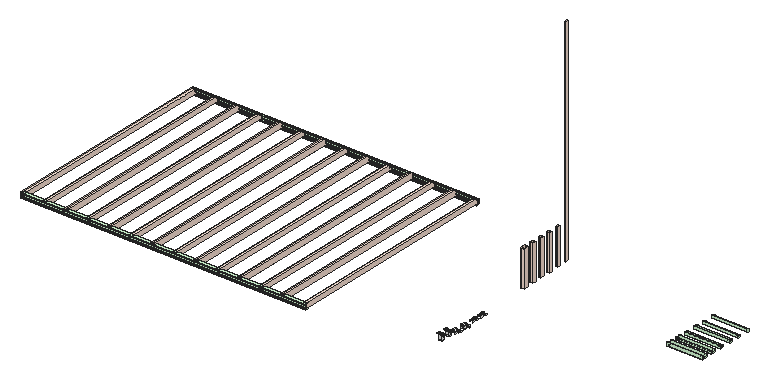
Revit family "SQ天井.", category 一般モデル, Revit 2020
Family settings
  鉄筋をホスト可能 = いいえ
  丸型コネクタ寸法 = 直径を使用
  パーツ タイプ = 標準
  作業面ベース = いいえ
  常に垂直 = はい
  ロード時にボイドで切り取り = いいえ
  共有 = いいえ
  部屋計算ポイント = いいえ
Parameters
  製造元 = "株式会社桐井製作所"
  既定の高さ = 0 mm
  URL = "https://www.kirii.co.jp/"
  K_名称 = "SQ天井工法"
  K_バージョン情報 = "20250901"
Reference planes
  plane 1 "中心(正面/背面)": y = 0
  plane 2: z = 0
  plane 3 "中心(左/右)": x = 0
Lines and regions (mm)
  model lines
    curve 1: line (2053.885, 1646.972, 3.706) -> (3803.885, 1646.972, 3.706)
    curve 2: line (2053.885, 1646.972, 0) -> (2053.885, 342.323, 0)
    curve 3: line (3803.885, 1646.972, 0) -> (3803.885, 342.323, 0)
    curve 4: line (4103.885, 1646.972, 0) -> (4103.885, 342.323, 0)
    curve 5: line (4103.885, 342.323, 3.706) -> (5853.885, 342.323, 3.706)
    curve 6: line (5853.885, 1646.972, 0) -> (5853.885, 342.323, 0)
    curve 7: line (4103.885, 1646.972, 3.706) -> (5853.885, 1646.972, 3.706)
    curve 8: line (2053.885, 142.323, 3.706) -> (3803.885, 142.323, 3.706)
    curve 9: line (2053.885, 142.323, 0) -> (2053.885, -1137.677, 0)
    curve 10: line (2053.885, -1137.677, 3.706) -> (3803.885, -1137.677, 3.706)
    curve 11: line (3803.885, 142.323, 0) -> (3803.885, -1137.677, 0)
    curve 12: line (2053.885, 342.323, 3.706) -> (3803.885, 342.323, 3.706)
Text (mm)
  text "JIS19型" at (-1841.604, 2062.91, 5447.439), in view "ビュー 1"
  text "スタッド" at (2194.065, 1518.272, -53.41), in view "{3D}"
  text "・SQ-BAR4020" at (2294.392, 1305.581, -53.41), in view "{3D}"
  text "・SQ-BAR4025" at (2294.392, 1153.599, -53.41), in view "{3D}"
  text "・SQ-BAR4040" at (2294.392, 1003.599, -53.41), in view "{3D}"
  text "・SQ-BAR4045" at (2294.392, 855.581, -53.41), in view "{3D}"
  text "・SQ-BAR4050" at (2294.392, 703.599, -53.41), in view "{3D}"
  text "ランナー" at (4244.065, 1518.272, -53.41), in view "{3D}"
  text "・SQ-ランナー20" at (4344.392, 1305.581, -53.41), in view "{3D}"
  text "・SQ-ランナー25" at (4344.392, 1153.599, -53.41), in view "{3D}"
  text "・SQ-ランナー40" at (4344.392, 1003.599, -53.41), in view "{3D}"
  text "・SQ-ランナー45" at (4344.392, 855.581, -53.41), in view "{3D}"
  text "・SQ-ランナー50" at (4344.392, 703.599, -53.41), in view "{3D}"
  text "SQ天井工法" at (-2610.049, 1856.504, -53.41), in view "{3D}"
  text "・SQ-ランナー65" at (4344.392, 553.599, -53.41), in view "{3D}"
  text "SQ関連部材" at (2194.065, 13.623, -53.41), in view "{3D}"
  text "・新SQハンガー" at (2294.392, -199.068, -53.41), in view "{3D}"
  text "・新SQハンガー4020" at (2294.392, -351.05, -53.41), in view "{3D}"
  text "・新SQ-Tクリップ" at (2294.392, -501.05, -53.41), in view "{3D}"
  text "・SQ-Tクリップ(4020用)" at (2294.392, -649.068, -53.41), in view "{3D}"
  text "・SQクリップ4040" at (2294.392, -801.05, -53.41), in view "{3D}"
  text "・SQ-BAR4565" at (2294.392, 553.599, -53.41), in view "{3D}"
  text "・SQクリップ4045" at (2294.392, -941.05, -53.41), in view "{3D}"
  text "※適用スパンを超える場合および、開口部に使用" at (2846.994, -1040.688, -53.41), in view "{3D}"
Dimensions and locks
  aligned and locked: level to plane 2
Nested families
  nested 1: "runner_wr50" at (5032.945, 662.338, 0), type "runner_wr50"
    with K_長さ(mm) 500 mm, K_JIS外 no, K_JIS yes
  nested 2: "runner_wr65" at (5032.945, 512.338, 0), type "runner_wr65"
    with K_長さ(mm) 500 mm, K_JIS外 no, K_JIS yes
  nested 3: "sqrunner_20" at (5032.945, 1266.972, 0), type "sqrunner_20"
    with K_長さ(mm) 500 mm
  nested 4: "sqrunner_25" at (5032.945, 1111.972, 0), type "sqrunner_25"
    with K_長さ(mm) 500 mm
  nested 5: "sq4025" at (2991.541, 1116.902, 0), type "sq4025"
    with K_長さ(mm) 500 mm
  nested 6: "sqrunner_40" at (5032.945, 966.972, 0), type "sqrunner_40"
    with K_長さ(mm) 500 mm
  nested 7: "sq4040" at (2999.01, 963.691, 0), type "sq4040"
    with K_長さ(mm) 500 mm
  nested 8: "sqrunner_45" at (5032.945, 811.972, 0), type "sqrunner_45"
    with K_長さ(mm) 500 mm
  nested 9: "sq4045" at (2999.01, 819.472, 0), type "sq4045"
    with K_長さ(mm) 500 mm
  nested 10: "sq4050" at (2999.01, 672.219, 0), type "sq4050"
    with K_長さ(mm) 500 mm
  nested 11: "sq4565" at (3001.51, 527.323, 0), type "sq4565"
    with K_長さ(mm) 500 mm
  nested 12: "newsqhanger_4020" at (3023.885, -397.677, 0), type "newsqhanger_4020"
  nested 13: "newsqhanger" at (3023.885, -257.677, 0), type "newsqhanger"
  nested 14: "newsq-tclip_4020" at (3023.885, -707.677, 0), type "newsq-tclip_4020"
  nested 15: "newsq-tclip" at (3023.885, -552.677, 0), type "newsq-tclip"
  nested 16: "sqclip_4045" at (3023.885, -957.677, 0), type "sqclip_4045"
  nested 17: "sqclip_4040" at (3023.885, -837.677, 0), type "sqclip_4040"
  nested 18: "runner_wr65" at (-2546.115, 1656.972, 33.5) x (1, 0, 0) z (0, -1, 0), type "runner_wr65"
    with K_長さ(mm) 4000 mm, K_JIS外 no, K_JIS yes
  nested 19: "runner_wr65" at (-2546.115, -1365.447, 33.5) x (1, 0, 0) z (0, 1, 0), type "runner_wr65"
    with K_長さ(mm) 4000 mm, K_JIS外 no, K_JIS yes
  nested 20: "sq4565" at (-2523.615, -1353.828, 33.49) x (1, 0, 0) z (0, 1, 0), type "sq4565"
    with K_長さ(mm) 3000 mm
  nested 21: "sq4565" at (-2220.615, -1353.828, 33.49) x (1, 0, 0) z (0, 1, 0), type "sq4565"
    with K_長さ(mm) 3000 mm
  nested 22: "sq4565" at (-1917.615, -1353.828, 33.49) x (1, 0, 0) z (0, 1, 0), type "sq4565"
    with K_長さ(mm) 3000 mm
  nested 23: "sq4565" at (-1614.615, -1353.828, 33.49) x (1, 0, 0) z (0, 1, 0), type "sq4565"
    with K_長さ(mm) 3000 mm
  nested 24: "sq4565" at (-1311.615, -1353.828, 33.49) x (1, 0, 0) z (0, 1, 0), type "sq4565"
    with K_長さ(mm) 3000 mm
  nested 25: "sq4565" at (-1008.115, -1353.828, 33.49) x (1, 0, 0) z (0, 1, 0), type "sq4565"
    with K_長さ(mm) 3000 mm
  nested 26: "sq4565" at (-705.115, -1353.828, 33.49) x (1, 0, 0) z (0, 1, 0), type "sq4565"
    with K_長さ(mm) 3000 mm
  nested 27: "sq4565" at (-402.115, -1353.828, 33.49) x (1, 0, 0) z (0, 1, 0), type "sq4565"
    with K_長さ(mm) 3000 mm
  nested 28: "sq4565" at (-99.115, -1353.828, 33.49) x (1, 0, 0) z (0, 1, 0), type "sq4565"
    with K_長さ(mm) 3000 mm
  nested 29: "sq4565" at (203.885, -1353.828, 33.49) x (1, 0, 0) z (0, 1, 0), type "sq4565"
    with K_長さ(mm) 3000 mm
  nested 30: "sq4565" at (506.885, -1353.828, 33.49) x (1, 0, 0) z (0, 1, 0), type "sq4565"
    with K_長さ(mm) 3000 mm
  nested 31: "sq4565" at (810.385, -1353.828, 33.49) x (1, 0, 0) z (0, 1, 0), type "sq4565"
    with K_長さ(mm) 3000 mm
  nested 32: "sq4565" at (1113.385, -1353.828, 33.49) x (1, 0, 0) z (0, 1, 0), type "sq4565"
    with K_長さ(mm) 3000 mm
  nested 33: "sq4565" at (1416.885, -1353.828, 33.49) x (1, 0, 0) z (0, 1, 0), type "sq4565"
    with K_長さ(mm) 3000 mm
  nested 34: "sq4020." at (2989.01, 1273.456, 0), type "sq4020."
    with K_長さ(mm) 3000 mm
Definition of nested family "runner_wr50"
  Parameters (values of type "runner_wr50")
    Manufacturer = "株式会社桐井製作所"
    Default Elevation = 0 mm
    URL = "https://www.kirii.co.jp/"
    K_長さ(mm) [instance] = 4000 mm
    K_材質 = "SGCCまたはSGHC　一般用"
    K_断面積A(mm2) = 103.5
    K_断面係数Zy(mm3) = 1921
    K_断面係数Zx(mm3) = 651.9
    K_断面2次半径iy(mm) = 22
    K_断面2次半径ix(mm) = 13.2
    K_断面2次モーメントIy(mm4) = 49970
    K_断面2次モーメントIx(mm4) = 17920
    K_外形寸法(mm) = "52×40×0.8"
    K_品名 = "WR-50"
    K_名称 = "ランナー"
    K_単位質量(kg/m) = 0.836
    K_ヤング係数E(N/mm2) = 205000
    K_バージョン情報 = "20210524"
    K_めっき付着量 = "Z12"
    K_JIS規格 = "JIS G 3302"
    K_JIS外 [instance] = not(K_JIS)  # no
    K_JIS [instance] = yes
  Reference planes
    plane 1 "中心(正面/背面)": y = 0
    plane 2: z = 0
    plane 3 "中心(左/右)": x = 0
    plane 4: x = 4000
    plane 5: y = -26
    plane 6: y = 26
    plane 7: z = 40
    plane 8: y = 26
    plane 9: y = -26
  Forms (mm)
    Extrusion 1, solid
      sketch origin (0, 0, 0) x (0, 1, 0) y (0, 0, 1)
        loop
          line (-26, 0) -> (-16.01, 0) -> (-15.21, 0.8) -> (-6.81, 0.8) -> (-6.01, 0) -> (5.962, 0) -> (6.781, 0.819) -> (15.181, 0.819) -> (16, 0) -> (26, 0) -> (26, 40) -> (25.2, 40) -> (25.2, 0.8) -> (16.331, 0.8) -> (15.512, 1.619) -> (6.449, 1.619) -> (5.63, 0.8) -> (-5.679, 0.8) -> (-6.479, 1.6) -> (-15.541, 1.6) -> (-16.341, 0.8) -> (-25.2, 0.8) -> (-25.2, 40) -> (-26, 40) -> (-26, 0)
      from 0 to 4000
  Dimensions and locks
    "K_長さ(mm)": plane 3 "中心(左/右)" to plane 4
    aligned and locked: level to plane 2
    aligned and locked: plane 4 to Extrusion 1
    aligned and locked: Extrusion 1 sketch curve to plane 6
    aligned and locked: plane 5 to Extrusion 1 sketch curve
    aligned and locked: Extrusion 1 to plane 4
  Automatic sketch dimensions
    Extrusion 1 sketch curve to plane 7 = 0 mm  (x2)
    Extrusion 1 sketch curve to level = 0 mm  (x3)
    level to Extrusion 1 sketch curve = 0.8 mm  (x4)
    Extrusion 1 sketch curve to Extrusion 1 sketch curve = 0.331 mm  (x8)
    level to Extrusion 1 sketch curve = 1.6 mm
    Extrusion 1 sketch curve to Extrusion 1 sketch curve = 0.8 mm  (x2)
    plane 1 "中心(正面/背面)" to Extrusion 1 sketch curve = 6.81 mm
    Extrusion 1 sketch curve to plane 1 "中心(正面/背面)" = 5.63 mm
    Extrusion 1 sketch curve to Extrusion 1 sketch curve = 0.819 mm  (x2)
    level to Extrusion 1 sketch curve = 0.819 mm
    Extrusion 1 sketch curve to Extrusion 1 sketch curve = 8.4 mm
    level to Extrusion 1 sketch curve = 1.619 mm
    plane 6 to Extrusion 1 sketch curve = 0.8 mm
    Extrusion 1 sketch curve to plane 5 = 0.8 mm
    Extrusion 1 sketch curve to Extrusion 1 sketch curve = 8.859 mm
Definition of nested family "runner_wr65"
  Parameters (values of type "runner_wr65")
    Manufacturer = "株式会社桐井製作所"
    Default Elevation = 0 mm
    URL = "https://www.kirii.co.jp/"
    K_長さ(mm) [instance] = 4000 mm
    K_材質 = "SGCCまたはSGHC　一般用"
    K_断面積A(mm2) = 115.5
    K_断面係数Zy(mm3) = 2624
    K_断面係数Zx(mm3) = 678.4
    K_断面2次半径iy(mm) = 27.6
    K_断面2次半径ix(mm) = 13
    K_断面2次モーメントIy(mm4) = 87930
    K_断面2次モーメントIx(mm4) = 19500
    K_外形寸法(mm) = "67×40×0.8"
    K_品名 = "WR-65"
    K_名称 = "ランナー"
    K_単位質量(kg/m) = 0.933
    K_ヤング係数E(N/mm2) = 205000
    K_バージョン情報 = "20210524"
    K_めっき付着量 = "Z12"
    K_JIS規格 = "JIS G 3302"
    K_JIS外 [instance] = not(K_JIS)  # no
    K_JIS [instance] = yes
  Reference planes
    plane 1 "中心(正面/背面)": y = 0
    plane 2: z = 0
    plane 3 "中心(左/右)": x = 0
    plane 4: x = 4000
    plane 5: y = -33.5
    plane 6: y = 33.5
    plane 7: y = 33.5
    plane 8: y = -33.5
    plane 9: z = 40
  Forms (mm)
    Extrusion 1, solid
      sketch origin (0, 0, 0) x (0, 1, 0) y (0, 0, 1)
        loop
          line (13.491, 0) -> (14.31, 0.819) -> (22.71, 0.819) -> (23.529, 0) -> (33.5, 0) -> (33.5, 40) -> (32.7, 40) -> (32.7, 0.8) -> (23.86, 0.8) -> (23.041, 1.619) -> (13.979, 1.619) -> (13.159, 0.8) -> (-13.179, 0.8) -> (-13.979, 1.6) -> (-23.041, 1.6) -> (-23.841, 0.8) -> (-32.7, 0.8) -> (-32.7, 40) -> (-33.5, 40) -> (-33.5, 0) -> (-23.51, 0) -> (-22.71, 0.8) -> (-14.31, 0.8) -> (-13.51, 0) -> (13.491, 0)
      from 0 to 4000
  Dimensions and locks
    "K_長さ(mm)": plane 3 "中心(左/右)" to plane 4
    aligned and locked: level to plane 2
    aligned and locked: plane 4 to Extrusion 1
    aligned and locked: Extrusion 1 sketch curve to plane 6
    aligned and locked: plane 5 to Extrusion 1 sketch curve
    aligned and locked: Extrusion 1 to plane 4
  Automatic sketch dimensions
    Extrusion 1 sketch curve to level = 0 mm  (x3)
    Extrusion 1 sketch curve to Extrusion 1 sketch curve = 0.8 mm  (x5)
    level to Extrusion 1 sketch curve = 0.8 mm  (x4)
    Extrusion 1 sketch curve to Extrusion 1 sketch curve = 8.859 mm
    Extrusion 1 sketch curve to Extrusion 1 sketch curve = 0.331 mm  (x8)
    Extrusion 1 sketch curve to Extrusion 1 sketch curve = 8.4 mm  (x2)
    level to Extrusion 1 sketch curve = 1.6 mm
    Extrusion 1 sketch curve to plane 1 "中心(正面/背面)" = 13.159 mm
    Extrusion 1 sketch curve to Extrusion 1 sketch curve = 0.819 mm  (x2)
    level to Extrusion 1 sketch curve = 0.819 mm
    Extrusion 1 sketch curve to Extrusion 1 sketch curve = 39.2 mm  (x2)
Definition of nested family "sqrunner_20"
  Parameters (values of type "sqrunner_20")
    Manufacturer = "株式会社桐井製作所"
    Default Elevation = 0 mm
    URL = "https://www.kirii.co.jp/"
    K_長さ(mm) [instance] = 4000 mm
    K_材質 = "SGCC　一般用"
    K_外形寸法(mm) = "22×40×30"
    K_品名 = "SQ-ランナー20"
    K_名称 = "角型スタッド用ランナー"
    K_バージョン情報 = "20210524"
    K_めっき付着量 = "Z08"
    K_JIS規格 = "JIS G 3302"
  Reference planes
    plane 1 "中心(正面/背面)": y = 0
    plane 2: z = 0
    plane 3 "中心(左/右)": x = 0
    plane 4: x = 4000
    plane 5: y = 11
    plane 6: y = -11
  Forms (mm)
    Extrusion 1, solid
      sketch origin (0, 0, 0) x (0, 1, 0) y (0, 0, 1)
        loop
          line (-11, 0) -> (11, 0) -> (11, 30) -> (10.2, 30) -> (10.2, 0.8) -> (-10.2, 0.8) -> (-10.2, 40) -> (-11, 40) -> (-11, 0)
      from 0 to 4000
  Dimensions and locks
    "K_長さ(mm)": plane 3 "中心(左/右)" to plane 4
    aligned and locked: level to plane 2
    aligned and locked: plane 4 to Extrusion 1
    aligned and locked: Extrusion 1 to plane 4
  Automatic sketch dimensions
    Extrusion 1 sketch curve to level = 0 mm
    Extrusion 1 sketch curve to plane 6 = 0 mm
    Extrusion 1 sketch curve to Extrusion 1 sketch curve = 0.8 mm  (x2)
    level to Extrusion 1 sketch curve = 0.8 mm
    Extrusion 1 sketch curve to Extrusion 1 sketch curve = 39.2 mm
    Extrusion 1 sketch curve to Extrusion 1 sketch curve = 29.2 mm
    Extrusion 1 sketch curve to plane 5 = 0 mm
Definition of nested family "sqrunner_25"
  Parameters (values of type "sqrunner_25")
    Manufacturer = "株式会社桐井製作所"
    Default Elevation = 0 mm
    URL = "https://www.kirii.co.jp/"
    K_長さ(mm) [instance] = 4000 mm
    K_材質 = "SGCC　一般用"
    K_外形寸法(mm) = "27×40×30"
    K_品名 = "SQ-ランナー25"
    K_名称 = "角型スタッド用ランナー"
    K_バージョン情報 = "20210524"
    K_めっき付着量 = "Z08"
    K_JIS規格 = "JIS G 3302"
  Reference planes
    plane 1 "中心(正面/背面)": y = 0
    plane 2: z = 0
    plane 3 "中心(左/右)": x = 0
    plane 4: x = 4000
    plane 5: y = 13.5
    plane 6: y = -13.5
  Forms (mm)
    Extrusion 1, solid
      sketch origin (0, 0, 0) x (0, 1, 0) y (0, 0, 1)
        loop
          line (-13.5, 0) -> (13.5, 0) -> (13.5, 30) -> (12.7, 30) -> (12.7, 0.8) -> (-12.7, 0.8) -> (-12.7, 40) -> (-13.5, 40) -> (-13.5, 0)
      from 0 to 4000
  Dimensions and locks
    "K_長さ(mm)": plane 3 "中心(左/右)" to plane 4
    aligned and locked: level to plane 2
    aligned and locked: plane 4 to Extrusion 1
    aligned and locked: Extrusion 1 to plane 4
  Automatic sketch dimensions
    Extrusion 1 sketch curve to level = 0 mm
    Extrusion 1 sketch curve to plane 6 = 0 mm
    Extrusion 1 sketch curve to Extrusion 1 sketch curve = 0.8 mm  (x2)
    level to Extrusion 1 sketch curve = 0.8 mm
    Extrusion 1 sketch curve to Extrusion 1 sketch curve = 39.2 mm
    Extrusion 1 sketch curve to Extrusion 1 sketch curve = 29.2 mm
    Extrusion 1 sketch curve to plane 5 = 0 mm
Definition of nested family "sq4025"
  Parameters (values of type "sq4025")
    Manufacturer = "株式会社桐井製作所"
    Default Elevation = 0 mm
    URL = "https://www.kirii.co.jp/"
    K_長さ(mm) [instance] = 3000 mm
    K_材質 = "SGCC　一般用"
    K_断面積A(mm2) = 61.3
    K_断面係数Zy(mm3) = 657.2
    K_断面係数Zx(mm3) = 488.3
    K_断面2次半径iy(mm) = 15.3
    K_断面2次半径ix(mm) = 10
    K_断面2次モーメントIy(mm4) = 14330
    K_断面2次モーメントIx(mm4) = 6104
    K_外形寸法(mm) = "□40×25"
    K_品名 = "SQ-BAR4025"
    K_名称 = "角型スタッド"
    K_単位質量(kg/m) = 0.498
    K_ヤング係数E(N/mm2) = 205000
    K_バージョン情報 = "20210524"
    K_めっき付着量 = "Z08"
    K_JIS規格 = "JIS G 3302"
  Reference planes
    plane 1 "中心(正面/背面)": y = 0
    plane 2: z = 0
    plane 3 "中心(左/右)": x = 0
    plane 4: x = 12.5
    plane 5: x = -12.5
    plane 6: y = 20
    plane 7: z = 3000
    plane 8: y = -20
  Forms (mm)
    Extrusion 1, solid
      sketch origin (0.5, -20, 0) x (1, 0, 0) y (0, 1, 0)
        loop
          line (-13, 40) -> (-13, 0) -> (12, 0) -> (12, 40) -> (-13, 40)
        loop
          line (-12.5, 39.5) -> (-12.5, 0.5) -> (11.5, 0.5) -> (11.5, 39.5) -> (-12.5, 39.5)
      from 0 to 3000
  Dimensions and locks
    locked: Extrusion 1 sketch curve to Extrusion 1 sketch curve at 0.5  (x4)
    "K_長さ(mm)": plane 7 to level
    aligned and locked: level to plane 2
    aligned and locked: Extrusion 1 sketch curve to plane 6
    aligned and locked: plane 7 to Extrusion 1
    aligned and locked: plane 6 to Extrusion 1
    aligned and locked: Extrusion 1 to plane 8
    aligned and locked: Extrusion 1 to plane 5
    aligned and locked: plane 4 to Extrusion 1
  Automatic sketch dimensions
    Extrusion 1 sketch curve to plane 4 = 0.5 mm
    plane 5 to Extrusion 1 sketch curve = 0.5 mm
    plane 1 "中心(正面/背面)" to Extrusion 1 sketch curve = 19.5 mm
Definition of nested family "sqrunner_40"
  Parameters (values of type "sqrunner_40")
    Manufacturer = "株式会社桐井製作所"
    Default Elevation = 0 mm
    URL = "https://www.kirii.co.jp/"
    K_長さ(mm) [instance] = 4000 mm
    K_材質 = "SGCC　一般用"
    K_外形寸法(mm) = "42×40×30"
    K_品名 = "SQ-ランナー40"
    K_名称 = "角型スタッド用ランナー"
    K_バージョン情報 = "20210524"
    K_めっき付着量 = "Z08"
    K_JIS規格 = "JIS G 3302"
  Reference planes
    plane 1 "中心(正面/背面)": y = 0
    plane 2: z = 0
    plane 3 "中心(左/右)": x = 0
    plane 4: x = 4000
    plane 5: y = 21
    plane 6: y = -21
  Forms (mm)
    Extrusion 1, solid
      sketch origin (0, 0, 0) x (0, 1, 0) y (0, 0, 1)
        loop
          line (-21, 0) -> (21, 0) -> (21, 30) -> (20.2, 30) -> (20.2, 0.8) -> (-20.2, 0.8) -> (-20.2, 40) -> (-21, 40) -> (-21, 0)
      from 0 to 4000
  Dimensions and locks
    "K_長さ(mm)": plane 3 "中心(左/右)" to plane 4
    aligned and locked: level to plane 2
    aligned and locked: plane 4 to Extrusion 1
    aligned and locked: Extrusion 1 to plane 4
  Automatic sketch dimensions
    Extrusion 1 sketch curve to level = 0 mm
    Extrusion 1 sketch curve to plane 6 = 0 mm
    Extrusion 1 sketch curve to Extrusion 1 sketch curve = 0.8 mm  (x2)
    level to Extrusion 1 sketch curve = 0.8 mm
    Extrusion 1 sketch curve to Extrusion 1 sketch curve = 39.2 mm
    Extrusion 1 sketch curve to Extrusion 1 sketch curve = 29.2 mm
    Extrusion 1 sketch curve to plane 5 = 0 mm
Definition of nested family "sq4040"
  Parameters (values of type "sq4040")
    Manufacturer = "株式会社桐井製作所"
    Default Elevation = 0 mm
    URL = "https://www.kirii.co.jp/"
    K_長さ(mm) [instance] = 3000 mm
    K_材質 = "SGCC　一般用"
    K_断面積A(mm2) = 76.8
    K_断面係数Zy(mm3) = 944.7
    K_断面係数Zx(mm3) = 889
    K_断面2次半径iy(mm) = 16.3
    K_断面2次半径ix(mm) = 15.2
    K_断面2次モーメントIy(mm4) = 20440
    K_断面2次モーメントIx(mm4) = 17780
    K_外形寸法(mm) = "□40×40"
    K_品名 = "SQ-BAR4040"
    K_名称 = "角型スタッド"
    K_単位質量(kg/m) = 0.624
    K_ヤング係数E(N/mm2) = 205000
    K_バージョン情報 = "20210524"
    K_めっき付着量 = "Z08"
    K_JIS規格 = "JIS G 3302"
  Reference planes
    plane 1 "中心(正面/背面)": y = 0
    plane 2: z = 0
    plane 3 "中心(左/右)": x = 0
    plane 4: x = 20
    plane 5: x = -20
    plane 6: y = 20
    plane 7: z = 3000
    plane 8: y = -20
  Forms (mm)
    Extrusion 1, solid
      sketch origin (0.5, -20, 0) x (1, 0, 0) y (0, 1, 0)
        loop
          line (-20.5, 40) -> (-20.5, 0) -> (19.5, 0) -> (19.5, 40) -> (-20.5, 40)
        loop
          line (-20, 39.5) -> (-20, 0.5) -> (19, 0.5) -> (19, 39.5) -> (-20, 39.5)
      from 0 to 3000
  Dimensions and locks
    locked: Extrusion 1 sketch curve to Extrusion 1 sketch curve at 0.5  (x4)
    "K_長さ(mm)": plane 7 to level
    aligned and locked: level to plane 2
    aligned and locked: Extrusion 1 sketch curve to plane 6
    aligned and locked: plane 7 to Extrusion 1
    aligned and locked: plane 6 to Extrusion 1
    aligned and locked: Extrusion 1 to plane 8
    aligned and locked: Extrusion 1 to plane 5
    aligned and locked: plane 4 to Extrusion 1
  Automatic sketch dimensions
    Extrusion 1 sketch curve to plane 4 = 0.5 mm
    plane 5 to Extrusion 1 sketch curve = 0.5 mm
    plane 1 "中心(正面/背面)" to Extrusion 1 sketch curve = 19.5 mm
Definition of nested family "sqrunner_45"
  Parameters (values of type "sqrunner_45")
    Manufacturer = "株式会社桐井製作所"
    Default Elevation = 0 mm
    URL = "https://www.kirii.co.jp/"
    K_長さ(mm) [instance] = 4000 mm
    K_材質 = "SGCC　一般用"
    K_外形寸法(mm) = "47×40×30"
    K_品名 = "SQ-ランナー45"
    K_名称 = "角型スタッド用ランナー"
    K_バージョン情報 = "20210524"
    K_めっき付着量 = "Z08"
    K_JIS規格 = "JIS G 3302"
  Reference planes
    plane 1 "中心(正面/背面)": y = 0
    plane 2: z = 0
    plane 3 "中心(左/右)": x = 0
    plane 4: x = 4000
    plane 5: y = 23.5
    plane 6: y = -23.5
  Forms (mm)
    Extrusion 1, solid
      sketch origin (0, 0, 0) x (0, 1, 0) y (0, 0, 1)
        loop
          line (-23.5, 0) -> (23.5, 0) -> (23.5, 30) -> (22.7, 30) -> (22.7, 0.8) -> (-22.7, 0.8) -> (-22.7, 40) -> (-23.5, 40) -> (-23.5, 0)
      from 0 to 4000
  Dimensions and locks
    "K_長さ(mm)": plane 3 "中心(左/右)" to plane 4
    aligned and locked: level to plane 2
    aligned and locked: plane 4 to Extrusion 1
    aligned and locked: Extrusion 1 to plane 4
  Automatic sketch dimensions
    Extrusion 1 sketch curve to level = 0 mm
    Extrusion 1 sketch curve to plane 6 = 0 mm
    Extrusion 1 sketch curve to Extrusion 1 sketch curve = 0.8 mm  (x2)
    level to Extrusion 1 sketch curve = 0.8 mm
    Extrusion 1 sketch curve to Extrusion 1 sketch curve = 39.2 mm
    Extrusion 1 sketch curve to Extrusion 1 sketch curve = 29.2 mm
    Extrusion 1 sketch curve to plane 5 = 0 mm
Definition of nested family "sq4045"
  Parameters (values of type "sq4045")
    Manufacturer = "株式会社桐井製作所"
    Default Elevation = 0 mm
    URL = "https://www.kirii.co.jp/"
    K_長さ(mm) [instance] = 3000 mm
    K_材質 = "SGCC　一般用"
    K_断面積A(mm2) = 81.1
    K_断面係数Zy(mm3) = 1027
    K_断面係数Zx(mm3) = 1037
    K_断面2次半径iy(mm) = 16.5
    K_断面2次半径ix(mm) = 17
    K_断面2次モーメントIy(mm4) = 22130
    K_断面2次モーメントIx(mm4) = 23340
    K_外形寸法(mm) = "□40×45"
    K_品名 = "SQ-BAR4045"
    K_名称 = "角型スタッド"
    K_単位質量(kg/m) = 0.659
    K_ヤング係数E(N/mm2) = 205000
    K_バージョン情報 = "20210524"
    K_めっき付着量 = "Z08"
    K_JIS規格 = "JIS G 3302"
  Reference planes
    plane 1 "中心(正面/背面)": y = 0
    plane 2: z = 0
    plane 3 "中心(左/右)": x = 0
    plane 4: x = 20
    plane 5: x = -20
    plane 6: y = 22.5
    plane 7: z = 3000
    plane 8: y = -22.5
  Forms (mm)
    Extrusion 1, solid
      sketch origin (0.5, -20, 0) x (1, 0, 0) y (0, 1, 0)
        loop
          line (-20.5, 42.5) -> (-20.5, -2.5) -> (19.5, -2.5) -> (19.5, 42.5) -> (-20.5, 42.5)
        loop
          line (-20, 42) -> (-20, -2) -> (19, -2) -> (19, 42) -> (-20, 42)
      from 0 to 3000
  Dimensions and locks
    locked: Extrusion 1 sketch curve to Extrusion 1 sketch curve at 0.5  (x4)
    "K_長さ(mm)": plane 7 to level
    aligned and locked: level to plane 2
    aligned and locked: Extrusion 1 sketch curve to plane 6
    aligned and locked: plane 7 to Extrusion 1
    aligned and locked: plane 6 to Extrusion 1
    aligned and locked: Extrusion 1 to plane 8
    aligned and locked: plane 4 to Extrusion 1
    aligned and locked: Extrusion 1 to plane 5
  Automatic sketch dimensions
    Extrusion 1 sketch curve to plane 4 = 0.5 mm
    plane 5 to Extrusion 1 sketch curve = 0.5 mm
    plane 1 "中心(正面/背面)" to Extrusion 1 sketch curve = 22 mm
Definition of nested family "sq4050"
  Parameters (values of type "sq4050")
    Manufacturer = "株式会社桐井製作所"
    Default Elevation = 0 mm
    URL = "https://www.kirii.co.jp/"
    K_長さ(mm) [instance] = 3000 mm
    K_材質 = "SGCC　一般用"
    K_断面積A(mm2) = 85.4
    K_断面係数Zy(mm3) = 1109
    K_断面係数Zx(mm3) = 1193
    K_断面2次半径iy(mm) = 16.7
    K_断面2次半径ix(mm) = 18.7
    K_断面2次モーメントIy(mm4) = 23830
    K_断面2次モーメントIx(mm4) = 29840
    K_外形寸法(mm) = "□40×50"
    K_品名 = "SQ-BAR4050"
    K_名称 = "角型スタッド"
    K_単位質量(kg/m) = 0.694
    K_ヤング係数E(N/mm2) = 205000
    K_バージョン情報 = "20210524"
    K_めっき付着量 = "Z08"
    K_JIS規格 = "JIS G 3302"
  Reference planes
    plane 1 "中心(正面/背面)": y = 0
    plane 2: z = 0
    plane 3 "中心(左/右)": x = 0
    plane 4: x = 20
    plane 5: x = -20
    plane 6: y = 25
    plane 7: z = 3000
    plane 8: y = -25
  Forms (mm)
    Extrusion 1, solid
      sketch origin (0.5, -20, 0) x (1, 0, 0) y (0, 1, 0)
        loop
          line (-20.5, 45) -> (-20.5, -5) -> (19.5, -5) -> (19.5, 45) -> (-20.5, 45)
        loop
          line (-20, 44.5) -> (-20, -4.5) -> (19, -4.5) -> (19, 44.5) -> (-20, 44.5)
      from 0 to 3000
  Dimensions and locks
    locked: Extrusion 1 sketch curve to Extrusion 1 sketch curve at 0.5  (x4)
    "K_長さ(mm)": plane 7 to level
    aligned and locked: level to plane 2
    aligned and locked: Extrusion 1 sketch curve to plane 6
    aligned and locked: plane 7 to Extrusion 1
    aligned and locked: plane 6 to Extrusion 1
    aligned and locked: Extrusion 1 to plane 8
    aligned and locked: Extrusion 1 to plane 5
    aligned and locked: plane 4 to Extrusion 1
  Automatic sketch dimensions
    Extrusion 1 sketch curve to plane 4 = 0.5 mm
    plane 5 to Extrusion 1 sketch curve = 0.5 mm
    plane 1 "中心(正面/背面)" to Extrusion 1 sketch curve = 24.5 mm
Definition of nested family "sq4565"
  Parameters (values of type "sq4565")
    Manufacturer = "株式会社桐井製作所"
    Default Elevation = 0 mm
    URL = "https://www.kirii.co.jp/"
    K_長さ(mm) [instance] = 3000 mm
    K_材質 = "SGCC　一般用"
    K_断面積A(mm2) = 102.5
    K_断面係数Zy(mm3) = 1560
    K_断面係数Zx(mm3) = 1830
    K_断面2次半径iy(mm) = 19.1
    K_断面2次半径ix(mm) = 24.1
    K_断面2次モーメントIy(mm4) = 37280
    K_断面2次モーメントIx(mm4) = 59490
    K_外形寸法(mm) = "□45×65"
    K_品名 = "SQ-BAR4565"
    K_名称 = "角型スタッド"
    K_単位質量(kg/m) = 0.833
    K_ヤング係数E(N/mm2) = 205000
    K_バージョン情報 = "20210524"
    K_めっき付着量 = "Z08"
    K_JIS規格 = "JIS G 3302"
  Reference planes
    plane 1 "中心(正面/背面)": y = 0
    plane 2: z = 0
    plane 3 "中心(左/右)": x = 0
    plane 4: x = 22.5
    plane 5: x = -22.5
    plane 6: y = 32.5
    plane 7: z = 3000
    plane 8: y = -32.5
  Forms (mm)
    Extrusion 1, solid
      sketch origin (0.5, -20, 0) x (1, 0, 0) y (0, 1, 0)
        loop
          line (-23, 52.5) -> (-23, -12.5) -> (22, -12.5) -> (22, 52.5) -> (-23, 52.5)
        loop
          line (-22.5, 52) -> (-22.5, -12) -> (21.5, -12) -> (21.5, 52) -> (-22.5, 52)
      from 0 to 3000
  Dimensions and locks
    locked: Extrusion 1 sketch curve to Extrusion 1 sketch curve at 0.5  (x4)
    "K_長さ(mm)": plane 7 to level
    aligned and locked: level to plane 2
    aligned and locked: Extrusion 1 sketch curve to plane 6
    aligned and locked: plane 7 to Extrusion 1
    aligned and locked: plane 6 to Extrusion 1
    aligned and locked: Extrusion 1 to plane 8
    aligned and locked: Extrusion 1 to plane 5
    aligned and locked: plane 4 to Extrusion 1
  Automatic sketch dimensions
    Extrusion 1 sketch curve to plane 4 = 0.5 mm
    plane 5 to Extrusion 1 sketch curve = 0.5 mm
    plane 1 "中心(正面/背面)" to Extrusion 1 sketch curve = 32 mm
Definition of nested family "newsqhanger_4020"
  Parameters (values of type "newsqhanger_4020")
    Manufacturer = "株式会社桐井製作所"
    Default Elevation = 0 mm
    URL = "https://www.kirii.co.jp/"
    K_材質 = "溶融亜鉛めっき鋼板"
    K_品名 = "新SQハンガー4020用"
    K_名称 = "SQ-BAR関連部材"
    K_入数 = "200"
    K_バージョン情報 = "20210524"
  Reference planes
    plane 1 "中心(正面/背面)": y = 0
    plane 2: z = 0
    plane 3 "中心(左/右)": x = 0
  Forms (mm)
    Extrusion 1, void
      sketch origin (0, 0, 0) x (1, 0, 0) y (0, 1, 0)
        loop
          line (8.8, 19.2) -> (8.8, -20.8) -> (35.25, -20.8) -> (35.25, 19.2) -> (8.8, 19.2)
      from 0 to 0.8
    Extrusion 2, solid
      sketch origin (-11, 14.25, 0) x (1, 0, 0) y (0, 0, 1)
        loop
          arc (20.8, -0.2) -> (20.507, 0.507) -> (19.8, 0.8) r 1
          line (19.8, 0.8) -> (18.952, 0.8) -> (18.952, 0) -> (20, 0) -> (20, -19.2) -> (20.8, -19.2) -> (20.8, -0.2)
      from -1.95 to 35.05
    Extrusion 3, solid
      sketch origin (0, 0, 0) x (1, 0, 0) y (0, 0, 1)
        loop
          line (-31, -19.2) -> (-31, 0) -> (35.25, 0) -> (35.25, 0.8) -> (-30.8, 0.8)
          arc (-30.8, 0.8) -> (-31.507, 0.507) -> (-31.8, -0.2) r 1
          line (-31.8, -0.2) -> (-31.8, -19.2) -> (-31, -19.2)
      from -43.4 to 20.8
    Extrusion 4, void
      sketch origin (0, 0, 0) x (1, 0, 0) y (0, 1, 0)
        loop
          circle (22.55, 31.7) r 5
      from 0 to 0.8
    Extrusion 5, void
      sketch origin (0, 0, 0) x (0, 1, 0) y (0, 0, 1)
        loop
          circle (6.2, -12) r 2.5
        loop
          circle (-10.8, -12) r 2.5
      from 10.115 to 8.8
    Extrusion 6, void
      sketch origin (0, 0, 0) x (0, 1, 0) y (0, 0, 1)
        loop
          circle (-10.8, -12) r 2.5
        loop
          circle (33.2, -12) r 2.5
      from -32 to -30.75
    Extrusion 7, solid
      sketch origin (0, 22.478, 0) x (0, -1, 0) y (0, 0, -1)
        loop
          line (-21.8, -10.8) -> (-21, -10.8) -> (-21, -0.8) -> (-19.562, -0.8) -> (-19.562, 0) -> (-20.8, 0)
          arc (-20.8, 0) -> (-21.507, -0.293) -> (-21.8, -1) r 1
          line (-21.8, -1) -> (-21.8, -10.8)
      from -30.8 to 35.25
  Cuts and joins
    Extrusion 4, Extrusion 5, Extrusion 6 cuts Extrusion 2
    Extrusion 1, Extrusion 4, Extrusion 5, Extrusion 6 cuts Extrusion 3
    joined: Extrusion 2, Extrusion 3, Extrusion 7
  Dimensions and locks
    aligned and locked: level to plane 2
Definition of nested family "newsqhanger"
  Parameters (values of type "newsqhanger")
    Manufacturer = "株式会社桐井製作所"
    Default Elevation = 0 mm
    URL = "https://www.kirii.co.jp/"
    K_材質 = "溶融亜鉛めっき鋼板"
    K_品名 = "新SQハンガー"
    K_名称 = "SQ-BAR関連部材"
    K_入数 = "240"
    K_バージョン情報 = "20210524"
  Reference planes
    plane 1 "中心(正面/背面)": y = 0
    plane 2: z = 0
    plane 3 "中心(左/右)": x = 0
  Forms (mm)
    Extrusion 1, void
      sketch origin (0, 0, 0) x (1, 0, 0) y (0, 1, 0)
        loop
          line (8.8, 19.2) -> (8.8, -20.8) -> (35.25, -20.8) -> (35.25, 19.2) -> (8.8, 19.2)
      from 0 to 0.8
    Extrusion 2, solid
      sketch origin (-11, 14.25, 0) x (1, 0, 0) y (0, 0, 1)
        loop
          arc (20.8, -0.2) -> (20.507, 0.507) -> (19.8, 0.8) r 1
          line (19.8, 0.8) -> (18.952, 0.8) -> (18.952, 0) -> (20, 0) -> (20, -29.2) -> (20.8, -29.2) -> (20.8, -0.2)
      from -1.95 to 35.05
    Extrusion 3, solid
      sketch origin (0, 0, 0) x (1, 0, 0) y (0, 0, 1)
        loop
          line (-31, -29.2) -> (-31, 0) -> (35.2, 0) -> (35.2, 0.8) -> (-30.8, 0.8)
          arc (-30.8, 0.8) -> (-31.507, 0.507) -> (-31.8, -0.2) r 1
          line (-31.8, -0.2) -> (-31.8, -29.2) -> (-31, -29.2)
      from -43.4 to 20.8
    Extrusion 4, void
      sketch origin (0, 0, 0) x (1, 0, 0) y (0, 1, 0)
        loop
          circle (22.55, 31.7) r 5
      from 0 to 0.8
    Extrusion 5, void
      sketch origin (0, 0, 0) x (0, 1, 0) y (0, 0, 1)
        loop
          circle (33.3, -9.155) r 2.5
        loop
          circle (11.2, -24.2) r 2.5
        loop
          circle (-10.7, -9.175) r 2.5
      from -32 to -30.75
    Extrusion 6, solid
      sketch origin (0, 22.498, 0) x (0, -1, 0) y (0, 0, -1)
        loop
          line (-21.8, -10.8) -> (-21, -10.8) -> (-21, -0.8) -> (-19.322, -0.8) -> (-19.322, 0) -> (-20.8, 0)
          arc (-20.8, 0) -> (-21.507, -0.293) -> (-21.8, -1) r 1
          line (-21.8, -1) -> (-21.8, -10.8)
      from -30.893 to 35.25
    Extrusion 7, void
      sketch origin (0, 0, 0) x (0, 1, 0) y (0, 0, 1)
        loop
          circle (6.2, -9.2) r 2.5
        loop
          circle (-10.8, -24.2) r 2.5
      from 9 to 9.8
  Cuts and joins
    Extrusion 4, Extrusion 5, Extrusion 7 cuts Extrusion 2
    Extrusion 1, Extrusion 4, Extrusion 5, Extrusion 7 cuts Extrusion 3
    joined: Extrusion 2, Extrusion 3, Extrusion 6
  Dimensions and locks
    aligned and locked: level to plane 2
Definition of nested family "newsq-tclip_4020"
  Parameters (values of type "newsq-tclip_4020")
    Manufacturer = "株式会社桐井製作所"
    Default Elevation = 0 mm
    URL = "https://www.kirii.co.jp/"
    K_材質 = "溶融亜鉛めっき鋼板"
    K_品名 = "新SQ-Tクリップ4020用"
    K_名称 = "SQ-BAR関連部材"
    K_バージョン情報 = "20210524"
  Reference planes
    plane 1 "中心(正面/背面)": y = 0
    plane 2: z = 0
    plane 3 "中心(左/右)": x = 0
  Forms (mm)
    Extrusion 1, solid
      sketch origin (0, 0, 0) x (0, 1, 0) y (0, 0, 1)
        loop
          line (0.8, -7.2) -> (0.8, 0) -> (40.8, 0) -> (40.8, -19.2) -> (41.6, -19.2) -> (41.6, -0.2)
          arc (41.6, -0.2) -> (41.307, 0.507) -> (40.6, 0.8) r 1
          line (40.6, 0.8) -> (1, 0.8)
          arc (1, 0.8) -> (0.293, 0.507) -> (0, -0.2) r 1
          line (0, -0.2) -> (0, -7.2) -> (0.8, -7.2)
      from -45.75 to 45.75
    Extrusion 2, solid
      sketch origin (0, 0, 0) x (1, 0, 0) y (0, 0, 1)
        loop
          line (-20, -19.2) -> (-20, 0) -> (20, 0) -> (20, -19.2) -> (20.8, -19.2) -> (20.8, -0.2)
          arc (20.8, -0.2) -> (20.507, 0.507) -> (19.8, 0.8) r 1
          line (19.8, 0.8) -> (-19.8, 0.8)
          arc (-19.8, 0.8) -> (-20.507, 0.507) -> (-20.8, -0.2) r 1
          line (-20.8, -0.2) -> (-20.8, -19.2) -> (-20, -19.2)
      from 40 to 10
    Extrusion 3, solid
      sketch origin (0, 0, 0) x (1, 0, 0) y (0, 0, 1)
        loop
          line (-20.8, 0) -> (20.8, 0) -> (20.8, 0.8) -> (-20.8, 0.8) -> (-20.8, 0)
      from 10 to -2.406
    Extrusion 4, void
      sketch origin (0, 0, 0) x (1, 0, 0) y (0, 0, 1)
        loop
          line (21.6, 0) -> (-21.6, 0) -> (-29.422, -7.822) -> (29.422, -7.822) -> (21.6, 0)
      from 0.231 to -1.03
    Extrusion 5, void
      sketch origin (0, 0, 10) x (0, 1, 0) y (0, 0, 1)
        loop
          circle (-25, -24.2) r 2
      from 20.8 to 20
    Extrusion 6, void
      sketch origin (-25.8, 0, 10) x (0, 1, 0) y (0, 0, 1)
        loop
          circle (-25, -24.2) r 2
      from 5.8 to 5
    Extrusion 7, void
      sketch origin (0, 0, 5) x (1, 0, 0) y (0, 0, 1)
        loop
          circle (-35.75, -19.2) r 2
        loop
          circle (35.75, -19.2) r 2
      from -40.8 to -41.6
    Extrusion 8, void
      sketch origin (0, 0, 0) x (1, 0, 0) y (0, 1, 0)
        loop
          circle (0, 16.6) r 2
      from 0.8 to 0
  Cuts and joins
    Extrusion 4, Extrusion 6, Extrusion 7, Extrusion 8 cuts Extrusion 1
    Extrusion 4, Extrusion 5, Extrusion 6, Extrusion 8 cuts Extrusion 2
    Extrusion 4, Extrusion 6, Extrusion 8 cuts Extrusion 3
    joined: Extrusion 1, Extrusion 2, Extrusion 3
  Dimensions and locks
    aligned and locked: level to plane 2
Definition of nested family "newsq-tclip"
  Parameters (values of type "newsq-tclip")
    Manufacturer = "株式会社桐井製作所"
    Default Elevation = 0 mm
    URL = "https://www.kirii.co.jp/"
    K_材質 = "溶融亜鉛めっき鋼板"
    K_品名 = "新SQ-Tクリップ"
    K_名称 = "SQ-BAR関連部材"
    K_入数 = "130"
    K_バージョン情報 = "20210524"
  Reference planes
    plane 1 "中心(正面/背面)": y = 0
    plane 2: z = 0
    plane 3 "中心(左/右)": x = 0
  Forms (mm)
    Extrusion 1, solid
      sketch origin (0, 0, 0) x (0, 1, 0) y (0, 0, 1)
        loop
          line (0.8, -7.2) -> (0.8, 0) -> (40.8, 0) -> (40.8, -29.2) -> (41.6, -29.2) -> (41.6, -0.2)
          arc (41.6, -0.2) -> (41.307, 0.507) -> (40.6, 0.8) r 1
          line (40.6, 0.8) -> (1, 0.8)
          arc (1, 0.8) -> (0.293, 0.507) -> (0, -0.2) r 1
          line (0, -0.2) -> (0, -7.2) -> (0.8, -7.2)
      from -45.75 to 45.75
    Extrusion 2, solid
      sketch origin (0, 0, 0) x (1, 0, 0) y (0, 0, 1)
        loop
          line (-20, -29.2) -> (-20, 0) -> (20, 0) -> (20, -29.2) -> (20.8, -29.2) -> (20.8, -0.2)
          arc (20.8, -0.2) -> (20.507, 0.507) -> (19.8, 0.8) r 1
          line (19.8, 0.8) -> (-19.8, 0.8)
          arc (-19.8, 0.8) -> (-20.507, 0.507) -> (-20.8, -0.2) r 1
          line (-20.8, -0.2) -> (-20.8, -29.2) -> (-20, -29.2)
      from 40 to 10
    Extrusion 3, solid
      sketch origin (0, 0, 0) x (1, 0, 0) y (0, 0, 1)
        loop
          line (-20.8, 0) -> (20.8, 0) -> (20.8, 0.8) -> (-20.8, 0.8) -> (-20.8, 0)
      from 10 to -2.406
    Extrusion 4, void
      sketch origin (0, 0, 0) x (1, 0, 0) y (0, 0, 1)
        loop
          line (21.6, 0) -> (-21.6, 0) -> (-29.422, -7.822) -> (29.422, -7.822) -> (21.6, 0)
      from 0.231 to -1.03
    Extrusion 5, void
      sketch origin (0, 0, 0) x (0, 1, 0) y (0, 0, 1)
        loop
          circle (-25, -24.2) r 2.5
      from 20.8 to 20
    Extrusion 6, void
      sketch origin (-25.8, 0, 0) x (0, 1, 0) y (0, 0, 1)
        loop
          circle (-25, -24.2) r 2.5
      from 5.8 to 5
    Extrusion 7, void
      sketch origin (0, 0, 0) x (1, 0, 0) y (0, 0, 1)
        loop
          circle (-35.75, -24.2) r 2.5
        loop
          circle (35.75, -19.2) r 2.5
      from -40.8 to -41.6
    Extrusion 8, void
      sketch origin (0, 0, 0) x (1, 0, 0) y (0, 1, 0)
        loop
          circle (0, 31.6) r 2.5
        loop
          circle (0, -30) r 2.5
      from 0.8 to 0
  Cuts and joins
    Extrusion 4, Extrusion 6, Extrusion 7, Extrusion 8 cuts Extrusion 1
    Extrusion 4, Extrusion 5, Extrusion 6, Extrusion 8 cuts Extrusion 2
    Extrusion 4, Extrusion 6, Extrusion 8 cuts Extrusion 3
    joined: Extrusion 1, Extrusion 2, Extrusion 3
  Dimensions and locks
    aligned and locked: level to plane 2
Definition of nested family "sqclip_4045"
  Parameters (values of type "sqclip_4045")
    Manufacturer = "株式会社桐井製作所"
    Default Elevation = 0 mm
    URL = "https://www.kirii.co.jp/"
    K_材質 = "溶融亜鉛めっき鋼板"
    K_品名 = "SQクリップ4045用"
    K_名称 = "SQ-BAR関連部材"
    K_入数 = "150"
    K_バージョン情報 = "20210524"
  Reference planes
    plane 1 "中心(正面/背面)": y = 0
    plane 2: z = 0
    plane 3 "中心(左/右)": x = 0
  Forms (mm)
    Extrusion 1, solid
      sketch origin (0, 0, 0) x (1, 0, 0) y (0, 0, 1)
        loop
          line (20.05, 81.313) -> (20.05, 0.6) -> (-20.05, 0.6) -> (-20.05, 81.316) -> (-20.65, 81.916) -> (-20.65, 1)
          arc (-20.65, 1) -> (-20.357, 0.293) -> (-19.65, 0) r 1
          line (-19.65, 0) -> (19.65, 0)
          arc (19.65, 0) -> (20.357, 0.293) -> (20.65, 1) r 1
          line (20.65, 1) -> (20.65, 81.913) -> (20.05, 81.313)
      from -12.6 to 12.4
    Extrusion 2, solid
      sketch origin (0, 0, -0.021) x (0, 1, 0) y (0, 0, 1)
        loop
          line (-0.4, 84.2) -> (-31.01, 84.2) -> (-30.41, 83.6) -> (0, 83.6) -> (0, 45.931) -> (0.6, 45.331) -> (0.6, 83.2)
          arc (0.6, 83.2) -> (0.307, 83.907) -> (-0.4, 84.2) r 1
      from 20.65 to 33.15
    Sweep 3, solid
      path origin (26.9, 0, 0) x (0, 1, 0) y (0, 0, 1)
        loop
          line (0.6, 50.945) -> (0.6, 83.2)
          arc (0.6, 83.2) -> (0.307, 83.907) -> (-0.4, 84.2) r 1
          line (-0.4, 84.2) -> (-6.381, 84.2)
      profile origin (26.9, -3.39, 84.2) x (0, 0, -1) y (1, 0, 0)
        loop
          line (0, -2) -> (0, 2)
          spline (0, 2) -> (-0.259, 1.932) -> (-0.501, 1.732) -> (-0.709, 1.414) -> (-0.868, 1) -> (-0.968, 0.518) -> (-1.002, 0) -> (-0.968, -0.518) -> (-0.868, -1) -> (-0.709, -1.414) -> (-0.501, -1.732) -> (-0.259, -1.932) -> (0, -2)
    Extrusion 4, void
      sketch origin (0, 0, 5) x (0, 1, 0) y (0, 0, 1)
        loop
          line (0.6, 40.912) -> (-0.2, 40.912) -> (-0.2, 40.112) -> (0.6, 40.112) -> (0.6, 40.912)
      from 20.05 to 33.15
    Extrusion 5, void
      sketch origin (0, 0, 4.796) x (0, 1, 0) y (0, 0, 1)
        loop
          line (-30.405, 78.6) -> (-30.405, 79.382) -> (-31.205, 79.382) -> (-31.205, 78.6) -> (-30.405, 78.6)
      from 20.65 to 33.15
    Extrusion 6, void
      sketch origin (0, 0, 5.619) x (0, 1, 0) y (0, 0, 1)
        loop
          line (-11.339, 31.945) -> (0.608, 38.298)
          arc (0.608, 38.298) -> (1.595, 39.209) -> (0.8, 40.291) r 1.008
          line (0.8, 40.291) -> (0, 40.291) -> (0, 76.928) -> (-12.4, 76.928) -> (-12.4, 30.179)
          arc (-12.4, 30.179) -> (-12.114, 31.209) -> (-11.339, 31.945) r 2
      from 20.05 to 21.265
    Extrusion 7, void
      sketch origin (0, 0, 0) x (1, 0, 0) y (0, 0, 1)
        loop
          line (24.9, 52.912) -> (24.9, 50.565) -> (28.9, 50.565) -> (28.9, 52.912)
          arc (28.9, 52.912) -> (26.9, 50.912) -> (24.9, 52.912) r 2
      from -1.6 to -0.6
    Extrusion 8, void
      sketch origin (0, 0, 0) x (0, 1, 0) y (0, 0, 1)
        loop
          arc (12.1, 75.289) -> (12.466, 74.923) -> (12.6, 74.423) r 1
          line (12.6, 74.423) -> (12.6, 81.919) -> (0.616, 81.919) -> (12.1, 75.289)
      from 20.05 to 20.65
    Extrusion 9, solid
      sketch origin (0, 0, -0.021) x (0, 1, 0) y (0, 0, -1)
        loop
          arc (-0.4, -84.2) -> (0.307, -83.907) -> (0.6, -83.2) r 1
          line (0.6, -83.2) -> (0.6, -45.331) -> (0, -45.931) -> (0, -83.6) -> (-30.41, -83.6) -> (-31.01, -84.2) -> (-0.4, -84.2)
      from 20.65 to 33.15
    Sweep 10, solid
      path origin (-26.9, 0, 0) x (0, 1, 0) y (0, 0, -1)
        loop
          line (0.6, -50.945) -> (0.6, -83.2)
          arc (0.6, -83.2) -> (0.307, -83.907) -> (-0.4, -84.2) r 1
          line (-0.4, -84.2) -> (-6.381, -84.2)
      profile origin (-26.9, -3.39, 84.2) x (0, 0, 1) y (-1, 0, 0)
        loop
          spline (0, -2) -> (0.259, -1.932) -> (0.501, -1.732) -> (0.709, -1.414) -> (0.868, -1) -> (0.968, -0.518) -> (1.002, 0) -> (0.968, 0.518) -> (0.868, 1) -> (0.709, 1.414) -> (0.501, 1.732) -> (0.259, 1.932) -> (0, 2)
          line (0, 2) -> (0, -2)
    Extrusion 11, void
      sketch origin (0, 0, 5) x (0, 1, 0) y (0, 0, -1)
        loop
          line (0.6, -40.912) -> (0.6, -40.112) -> (-0.2, -40.112) -> (-0.2, -40.912) -> (0.6, -40.912)
      from 20.65 to 33.15
    Extrusion 12, void
      sketch origin (0, 0, 0) x (-1, 0, 0) y (0, 0, -1)
        loop
          arc (24.9, -52.912) -> (26.9, -50.912) -> (28.9, -52.912) r 2
          line (28.9, -52.912) -> (28.9, -50.565) -> (24.9, -50.565) -> (24.9, -52.912)
      from -1.6 to -0.6
    Extrusion 13, void
      sketch origin (0, 0, 5.619) x (0, 1, 0) y (0, 0, -1)
        loop
          arc (-11.339, -31.945) -> (-12.114, -31.209) -> (-12.4, -30.179) r 2
          line (-12.4, -30.179) -> (-12.4, -76.928) -> (0, -76.928) -> (0, -40.291) -> (0.8, -40.291)
          arc (0.8, -40.291) -> (1.595, -39.209) -> (0.608, -38.298) r 1.008
          line (0.608, -38.298) -> (-11.339, -31.945)
      from 20.05 to 21.265
    Extrusion 14, void
      sketch origin (0, 0, 0) x (0, 1, 0) y (0, 0, -1)
        loop
          line (12.1, -75.289) -> (0.616, -81.919) -> (12.6, -81.919) -> (12.6, -74.423)
          arc (12.6, -74.423) -> (12.466, -74.923) -> (12.1, -75.289) r 1
      from 20.05 to 20.65
  Cuts and joins
    Extrusion 4, Extrusion 5, Extrusion 6, Extrusion 7, Extrusion 11, Extrusion 12, Extrusion 13 cuts Extrusion 2
    Extrusion 6, Extrusion 8, Extrusion 11, Extrusion 13, Extrusion 14 cuts Extrusion 1
    Extrusion 7 cuts Sweep 3
    Extrusion 11 cuts Extrusion 9
    Extrusion 12 cuts Sweep 10
  Dimensions and locks
    aligned and locked: level to plane 2
Definition of nested family "sqclip_4040"
  Parameters (values of type "sqclip_4040")
    Manufacturer = "株式会社桐井製作所"
    Default Elevation = 0 mm
    URL = "https://www.kirii.co.jp/"
    K_材質 = "溶融亜鉛めっき鋼板"
    K_品名 = "SQクリップ4040用"
    K_名称 = "SQ-BAR関連部材"
    K_入数 = "150"
    K_バージョン情報 = "20210524"
  Reference planes
    plane 1 "中心(正面/背面)": y = 0
    plane 2: z = 0
    plane 3 "中心(左/右)": x = 0
  Forms (mm)
    Extrusion 1, solid
      sketch origin (0, 0, 0) x (1, 0, 0) y (0, 0, 1)
        loop
          line (20.05, 76.328) -> (20.05, 0.6) -> (-20.05, 0.6) -> (-20.05, 76.328) -> (-20.65, 76.928) -> (-20.65, 1)
          arc (-20.65, 1) -> (-20.357, 0.293) -> (-19.65, 0) r 1
          line (-19.65, 0) -> (19.65, 0)
          arc (19.65, 0) -> (20.357, 0.293) -> (20.65, 1) r 1
          line (20.65, 1) -> (20.65, 76.928) -> (20.05, 76.328)
      from -12.6 to 12.4
    Extrusion 2, void
      sketch origin (0, 0, 0) x (0, 1, 0) y (0, 0, 1)
        loop
          line (12.6, 76.928) -> (0.6, 76.928) -> (12.1, 70.289)
          arc (12.1, 70.289) -> (12.466, 69.923) -> (12.6, 69.423) r 1
          line (12.6, 69.423) -> (12.6, 76.928)
      from 20.05 to 21.265
    Extrusion 3, void
      sketch origin (0, 0, 0) x (0, 1, 0) y (0, 0, 1)
        loop
          line (12.6, 76.928) -> (0.6, 76.928) -> (12.1, 70.289)
          arc (12.1, 70.289) -> (12.466, 69.923) -> (12.6, 69.423) r 1
          line (12.6, 69.423) -> (12.6, 76.928)
      from -21.202 to -20.05
    Extrusion 4, void
      sketch origin (0, 0, 0) x (0, 1, 0) y (0, 0, 1)
        loop
          line (-11.339, 32.564) -> (0.6, 38.912)
          arc (0.6, 38.912) -> (1.595, 39.823) -> (0.8, 40.912) r 1.011
          line (0.8, 40.912) -> (0, 40.912) -> (0, 76.928) -> (-12.4, 76.928) -> (-12.4, 30.798)
          arc (-12.4, 30.798) -> (-12.114, 31.828) -> (-11.339, 32.564) r 2
      from 20.05 to 21.265
    Extrusion 5, void
      sketch origin (-40.7, 0, 0) x (0, 1, 0) y (0, 0, 1)
        loop
          line (-11.339, 32.564) -> (0.6, 38.912)
          arc (0.6, 38.912) -> (1.595, 39.816) -> (0.8, 40.901) r 1.005
          line (0.8, 40.901) -> (0, 40.901) -> (0, 76.928) -> (-12.4, 76.928) -> (-12.4, 30.798)
          arc (-12.4, 30.798) -> (-12.114, 31.828) -> (-11.339, 32.564) r 2
      from 20.05 to 21.265
    Extrusion 6, solid
      sketch origin (0, 0, 0) x (0, 1, 0) y (0, 0, -1)
        loop
          arc (-0.4, -79.2) -> (0.307, -78.907) -> (0.6, -78.2) r 1
          line (0.6, -78.2) -> (0.6, -40.301) -> (0, -40.901) -> (0, -78.6) -> (-30.405, -78.6) -> (-31.005, -79.2) -> (-0.4, -79.2)
      from 20.65 to 33.15
    Extrusion 7, void
      sketch origin (0, 0, 0) x (0, 1, 0) y (0, 0, 1)
        loop
          line (-30.405, 78.6) -> (-30.405, 79.382) -> (-31.205, 79.382) -> (-31.205, 78.6) -> (-30.405, 78.6)
      from 20.65 to 33.15
    Extrusion 8, solid
      sketch origin (0, 0, 0) x (0, 1, 0) y (0, 0, 1)
        loop
          line (-0.4, 79.2) -> (-31.005, 79.2) -> (-30.405, 78.6) -> (0, 78.6) -> (0, 40.911) -> (0.6, 40.311) -> (0.6, 78.2)
          arc (0.6, 78.2) -> (0.307, 78.907) -> (-0.4, 79.2) r 1
      from 20.65 to 33.15
    Extrusion 9, void
      sketch origin (0, 0, 0) x (0, 1, 0) y (0, 0, -1)
        loop
          line (-30.405, -78.6) -> (-31.205, -78.6) -> (-31.205, -79.382) -> (-30.405, -79.382) -> (-30.405, -78.6)
      from 20.65 to 33.15
    Extrusion 10, void
      sketch origin (0, 0, 0) x (0, 1, 0) y (0, 0, 1)
        loop
          line (0.6, 40.912) -> (-0.2, 40.912) -> (-0.2, 40.112) -> (0.6, 40.112) -> (0.6, 40.912)
      from 20.65 to 33.15
    Extrusion 11, void
      sketch origin (-53.821, 0, 0) x (0, 1, 0) y (0, 0, 1)
        loop
          line (0.6, 40.912) -> (-0.2, 40.912) -> (-0.2, 40.112) -> (0.6, 40.112) -> (0.6, 40.912)
      from 20.671 to 34.386
    Sweep 12, solid
      path origin (26.9, 0, 0) x (0, 1, 0) y (0, 0, 1)
        loop
          line (0.6, 45.912) -> (0.6, 78.2)
          arc (0.6, 78.2) -> (0.307, 78.907) -> (-0.4, 79.2) r 1
          line (-0.4, 79.2) -> (-6.381, 79.2)
      profile origin (26.9, -3.39, 79.2) x (0, 0, -1) y (1, 0, 0)
        loop
          line (0, -2) -> (0, 2)
          spline (0, 2) -> (-0.259, 1.932) -> (-0.501, 1.732) -> (-0.709, 1.414) -> (-0.868, 1) -> (-0.968, 0.518) -> (-1.002, 0) -> (-0.968, -0.518) -> (-0.868, -1) -> (-0.709, -1.414) -> (-0.501, -1.732) -> (-0.259, -1.932) -> (0, -2)
    Extrusion 13, void
      sketch origin (0, 0, 0) x (1, 0, 0) y (0, 0, 1)
        loop
          line (28.9, 47.823) -> (28.9, 45.45) -> (24.9, 45.45) -> (24.9, 47.912)
          arc (24.9, 47.912) -> (26.9, 45.912) -> (28.9, 47.912) r 2
      from -1.846 to -0.6
    Sweep 14, solid
      path origin (-26.9, 0, 0) x (0, 1, 0) y (0, 0, 1)
        loop
          line (0.6, 45.912) -> (0.6, 78.2)
          arc (0.6, 78.2) -> (0.307, 78.907) -> (-0.4, 79.2) r 1
          line (-0.4, 79.2) -> (-6.381, 79.2)
      profile origin (-26.9, -3.39, 79.2) x (0, 0, -1) y (1, 0, 0)
        loop
          line (0, -2) -> (0, 2)
          spline (0, 2) -> (-0.259, 1.932) -> (-0.501, 1.732) -> (-0.709, 1.414) -> (-0.868, 1) -> (-0.968, 0.518) -> (-1.002, 0) -> (-0.968, -0.518) -> (-0.868, -1) -> (-0.709, -1.414) -> (-0.501, -1.732) -> (-0.259, -1.932) -> (0, -2)
    Extrusion 15, void
      sketch origin (-53.8, 0, 0) x (1, 0, 0) y (0, 0, 1)
        loop
          line (28.9, 47.823) -> (28.9, 45.45) -> (24.9, 45.45) -> (24.9, 47.912)
          arc (24.9, 47.912) -> (26.9, 45.912) -> (28.9, 47.912) r 2
      from -1.846 to -0.6
  Cuts and joins
    Extrusion 9, Extrusion 11 cuts Extrusion 6
    Extrusion 7, Extrusion 9, Extrusion 10, Extrusion 13, Extrusion 15 cuts Extrusion 8
    joined: Extrusion 6, Extrusion 8
    Extrusion 13, Extrusion 15 cuts Sweep 12
    Extrusion 15 cuts Sweep 14
    Extrusion 2, Extrusion 3, Extrusion 4, Extrusion 5 cuts Extrusion 1
  Dimensions and locks
    aligned and locked: level to plane 2
Definition of nested family "sq4020."
  Parameters (values of type "sq4020.")
    Manufacturer = "株式会社桐井製作所"
    Default Elevation = 0 mm
    URL = "https://www.kirii.co.jp/"
    K_長さ(mm) [instance] = 3000 mm
    K_材質 = "SGCC　一般用"
    K_断面積A(mm2) = 57
    K_断面係数Zy(mm3) = 575.7
    K_断面係数Zx(mm3) = 374.1
    K_断面2次半径iy(mm) = 14.9
    K_断面2次半径ix(mm) = 8.1
    K_断面2次モーメントIy(mm4) = 12630
    K_断面2次モーメントIx(mm4) = 3741
    K_外形寸法(mm) = "□40×20"
    K_品名 = "SQ-BAR4020"
    K_名称 = "角型スタッド"
    K_単位質量(kg/m) = 0.464
    K_ヤング係数E(N/mm2) = 205000
    K_バージョン情報 = "20210524"
    K_めっき付着量 = "Z08"
    K_JIS規格 = "JIS G 3302"
  Reference planes
    plane 1 "中心(正面/背面)": y = 0
    plane 2: z = 0
    plane 3 "中心(左/右)": x = 0
    plane 4: x = 10
    plane 5: x = -10
    plane 6: y = 20
    plane 7: z = 3000
    plane 8: y = -20
  Forms (mm)
    Extrusion 1, solid
      sketch origin (0.5, -20, 0) x (1, 0, 0) y (0, 1, 0)
        loop
          line (-10.5, 40) -> (-10.5, 0) -> (9.5, 0) -> (9.5, 40) -> (-10.5, 40)
        loop
          line (-10, 39.5) -> (-10, 0.5) -> (9, 0.5) -> (9, 39.5) -> (-10, 39.5)
      from 0 to 3000
  Dimensions and locks
    locked: Extrusion 1 sketch curve to Extrusion 1 sketch curve at 0.5  (x4)
    "K_長さ(mm)": plane 7 to level
    aligned and locked: level to plane 2
    aligned and locked: Extrusion 1 sketch curve to plane 6
    aligned and locked: plane 7 to Extrusion 1
    aligned and locked: plane 4 to Extrusion 1
    aligned and locked: Extrusion 1 to plane 5
  Automatic sketch dimensions
    Extrusion 1 sketch curve to plane 4 = 0.5 mm
    plane 5 to Extrusion 1 sketch curve = 0.5 mm
    plane 1 "中心(正面/背面)" to Extrusion 1 sketch curve = 19.5 mm
